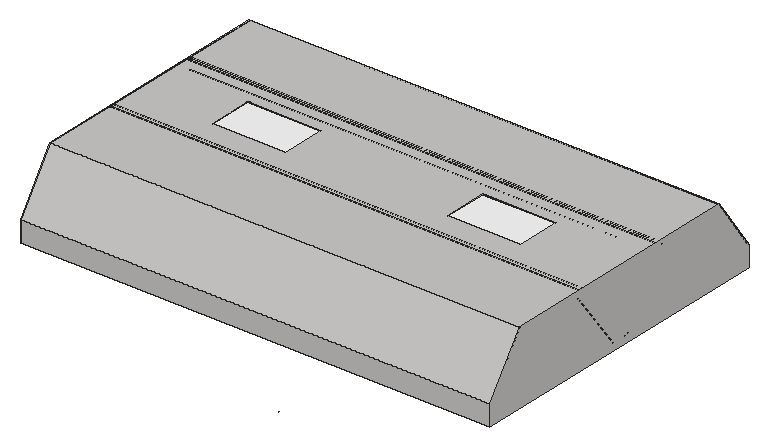
Revit family "QF_ELECTROLUXPROFESSIONAL_642372_BC2232DT", category Attrezzature speciali, Revit 2021
Family settings
  Quota connettore circolare = Usa diametro
  Tipo di parte = Normale
  Basato su piano di lavoro = No
  Sempre verticale = Sì
  Taglio con vuoti quando caricato = No
  Condiviso = No
  Punto di calcolo locali = No
Parameters (values of type "Standard")
  Weight = 102.00 kg
  Watts = 0 W
  Volts = 0 V
  URL Manufacturer = "https://www.electroluxprofessional.com/"
  URL = "https://www.electroluxprofessional.com/"
  Steam Supply Size = 0 mm
  Steam Supply Minimum Pressure = 0.0 Pa
  Steam Supply Maximum Pressure = 0.0 Pa
  Steam Consumption per Hour = 0
  Refrigeration Suction Line Size = 0 mm
  Refrigeration Liquid Line Size = 0 mm
  Refrigerant Compressor Remote = yes
  Prospetto di default = 0 mm
  Produttore = "Electrolux Professional"
  Phase = 0
  Modello = "BC2232DT"
  Length Actual = 3200 mm  # constant formula
  Item Number = "642372"
  Hot Water Size = 0 mm
  Height Actual = 500 mm  # constant formula
  HP = "0 HP"
  Gas Size = 0 mm
  Gas KW = 0
  Gas Input Pressure = 0 W
  Direct Waste Size = 0 mm
  Descrizione = "304 S/S ISLAND HOOD+FILTERS 3200X2200MM"
  Depth Actual = 2200 mm  # constant formula
  Cycle = 0 Hz
  Condensate Return Size = 0 mm
  Compressed Air Volume = 0.0 L/s
  Compressed Air Size = 0 mm
  Compressed Air Pressure = 0.0 Pa
  Cold Water Size = 0 mm
  Accessory = yes
Reference planes
  plane 1: z = 0
  plane 2 "Center (Left/Right)": x = 150
  plane 3 "LEFT": x = -1450
  plane 4 "RIGHT": x = 1750
  plane 5 "BACK": y = 550
  plane 6 "TOP": z = 2500
  plane 7 "Base": z = 2000
  plane 8: z = 1946
  plane 9: x = -1447
  plane 10 "DrainX": x = 1599
  plane 11 "AOLeft2": x = -400
  plane 12 "AORight1": x = 700
  plane 13: x = 1747
  plane 14: x = -1250
  plane 15: x = 1550
  plane 16: x = 50
  plane 17: x = 250
  plane 18 "AOLeft1": x = -900
  plane 19 "AORight2": x = 1200
  plane 20: y = -400
  plane 21: y = -700
  plane 22 "Center (Front/Back)": y = -550
  plane 23: y = -1650
  plane 24: through (0, -601.379, 2046.209) normal (0, 0.8019, 0.5974)
  plane 25: through (0, -498.621, 2046.209) normal (0, 0.8019, -0.5974)
  plane 26: z = 2140
Forms (mm)
  Extrusion 1, solid, material "QF_Finishes_Stainless Steel"
    sketch origin (-1450, 0, 360) x (0, 1, 0) y (0, 0, 1)
      loop
        line (550, 1640) -> (550, 1780) -> (299.446, 2140) -> (-1399.446, 2140) -> (-1650, 1780) -> (-1650, 1640) -> (550, 1640)
    from 0 to 3
  Extrusion 2, solid, material "QF_Finishes_Stainless Steel"
    sketch origin (1750, 0, 360) x (0, 1, 0) y (0, 0, 1)
      loop
        line (550, 1640) -> (550, 1780) -> (299.446, 2140) -> (-1399.446, 2140) -> (-1650, 1780) -> (-1650, 1640) -> (550, 1640)
    from 0 to -3
  Extrusion 3, solid, material "QF_Finishes_Stainless Steel"
    sketch origin (150, 0, 360) x (0, 1, 0) y (0, 0, 1)
      loop
        line (-1399.446, 2140) -> (-1650, 1780) -> (-1650, 1640) -> (-1640, 1640) -> (-1640, 1640.8) -> (-1649.2, 1640.8) -> (-1649.2, 1779.739) -> (-1399.025, 2139.19) -> (299.025, 2139.19) -> (549.2, 1779.739) -> (549.2, 1640.8) -> (540, 1640.8) -> (540, 1640) -> (550, 1640) -> (550, 1780) -> (299.446, 2140) -> (-1399.446, 2140)
    from -1600 to 1600
  Extrusion 4, void
    sketch origin (0, 0, 2500) x (0, 1, 0) y (-1, 0, 0)
      loop
        line (-400, 400) -> (-400, 900) -> (-700, 900) -> (-700, 400) -> (-400, 400)
    from 0 to -10
  Extrusion 5, solid, material "QF_Finishes_Stainless Steel"
    sketch origin (0, 0, 0) x (1, 0, 0) y (0, 1, 0)
      loop
        line (-1450, 550) -> (-1450, 549) -> (-1449, 549) -> (-1449, 550) -> (-1450, 550)
    from 0 to 1
  Extrusion 6, solid, material "QF_Finishes_Stainless Steel"
    sketch origin (150, -400, 360) x (0, 1, 0) y (0, 0, 1)
      loop
        line (-498.883, 2085.553) -> (-201.379, 1686.209) -> (-185.34, 1698.157) -> (-482.844, 2097.501) -> (-498.883, 2085.553)
      loop
        line (198.883, 2085.553) -> (182.844, 2097.501) -> (-114.66, 1698.157) -> (-98.621, 1686.209) -> (198.883, 2085.553)
    from -1400 to -1597
  Extrusion 7, solid, material "QF_Finishes_Stainless Steel"
    sketch origin (150, -400, 360) x (0, 1, 0) y (0, 0, 1)
      loop
        arc (-83.944, 1704.554) -> (-84.545, 1704.706) -> (-85.077, 1704.389) r 0.81
        line (-85.077, 1704.389) -> (-99.535, 1684.991) -> (-116.611, 1687.002) -> (-113.609, 1712.615) -> (-114.407, 1712.708) -> (-117.406, 1687.095)
        arc (-117.406, 1687.095) -> (-117.237, 1686.499) -> (-116.695, 1686.197) r 0.81
        line (-116.695, 1686.197) -> (-99.628, 1684.196)
        arc (-99.628, 1684.196) -> (-99.213, 1684.257) -> (-98.884, 1684.517) r 0.81
        line (-98.884, 1684.517) -> (-84.436, 1703.911) -> (-73.692, 1695.919) -> (-99.855, 1660.79) -> (-200.145, 1660.79) -> (-226.308, 1695.919) -> (-215.564, 1703.911) -> (-201.116, 1684.517)
        arc (-201.116, 1684.517) -> (-200.787, 1684.257) -> (-200.372, 1684.196) r 0.81
        line (-200.372, 1684.196) -> (-183.305, 1686.197)
        arc (-183.305, 1686.197) -> (-182.763, 1686.499) -> (-182.594, 1687.095) r 0.81
        line (-182.594, 1687.095) -> (-185.593, 1712.708) -> (-186.391, 1712.615) -> (-183.389, 1687.002) -> (-200.465, 1684.991) -> (-214.923, 1704.389)
        arc (-214.923, 1704.389) -> (-215.455, 1704.706) -> (-216.056, 1704.554) r 0.81
        line (-216.056, 1704.554) -> (-226.786, 1696.561)
        arc (-226.786, 1696.561) -> (-227.103, 1696.028) -> (-226.951, 1695.427) r 0.81
        line (-226.951, 1695.427) -> (-200.843, 1660.381)
        arc (-200.843, 1660.381) -> (-200.5, 1660.093) -> (-200.063, 1659.99) r 0.972
        line (-200.063, 1659.99) -> (-99.951, 1659.99)
        arc (-99.951, 1659.99) -> (-99.502, 1660.096) -> (-99.149, 1660.393) r 1
        line (-99.149, 1660.393) -> (-73.049, 1695.427)
        arc (-73.049, 1695.427) -> (-72.897, 1696.028) -> (-73.214, 1696.561) r 0.81
        line (-73.214, 1696.561) -> (-83.944, 1704.554)
      loop
        line (-492.735, 2139.19) -> (-492.735, 2129.205) -> (-517.587, 2110.686)
        arc (-517.587, 2110.686) -> (-517.904, 2110.153) -> (-517.752, 2109.552) r 0.81
        line (-517.752, 2109.552) -> (-484.894, 2065.446) -> (-495.625, 2057.438) -> (-495.147, 2056.796) -> (-484.418, 2064.79)
        arc (-484.418, 2064.79) -> (-484.1, 2065.322) -> (-484.252, 2065.923) r 0.81
        line (-484.252, 2065.923) -> (-517.117, 2110.038) -> (-491.935, 2128.798) -> (-491.935, 2138.4) -> (-462.776, 2138.4) -> (-462.776, 2070.563) -> (-461.976, 2069.49) -> (-461.976, 2139.19) -> (-492.735, 2139.19)
      loop
        line (192.735, 2139.19) -> (161.976, 2139.19) -> (161.976, 2069.49) -> (162.776, 2070.563) -> (162.776, 2138.4) -> (191.935, 2138.4) -> (191.935, 2128.798) -> (217.117, 2110.038) -> (184.252, 2065.923)
        arc (184.252, 2065.923) -> (184.1, 2065.322) -> (184.418, 2064.79) r 0.81
        line (184.418, 2064.79) -> (195.147, 2056.796) -> (195.625, 2057.438) -> (184.894, 2065.446) -> (217.752, 2109.552)
        arc (217.752, 2109.552) -> (217.904, 2110.153) -> (217.587, 2110.686) r 0.81
        line (217.587, 2110.686) -> (192.735, 2129.205) -> (192.735, 2139.19)
    from -1597 to 1597
  Extrusion 8, solid, material "QF_Finishes_Stainless Steel"
    sketch origin (150, -400, 360) x (0, 1, 0) y (0, 0, 1)
      loop
        line (-498.883, 2085.553) -> (-201.379, 1686.209) -> (-185.34, 1698.157) -> (-482.844, 2097.501) -> (-498.883, 2085.553)
      loop
        line (198.883, 2085.553) -> (182.844, 2097.501) -> (-114.66, 1698.157) -> (-98.621, 1686.209) -> (198.883, 2085.553)
    from 1597 to 1400
  Extrusion 9, solid, material "QF_Finishes_Stainless Steel"
    sketch origin (150, -400, 360) x (0, 1, 0) y (0, 0, 1)
      loop
        line (-498.883, 2085.553) -> (-201.379, 1686.209) -> (-185.34, 1698.157) -> (-482.844, 2097.501) -> (-498.883, 2085.553)
      loop
        line (198.883, 2085.553) -> (182.844, 2097.501) -> (-114.66, 1698.157) -> (-98.621, 1686.209) -> (198.883, 2085.553)
    from -100 to 100
  Extrusion 10, solid, material "QF_Finished_Chrome"
    sketch origin (150, -400, 360) x (0, 1, 0) y (0, 0, 1)
      loop
        line (-498.883, 2085.553) -> (-201.379, 1686.209) -> (-185.34, 1698.157) -> (-482.844, 2097.501) -> (-498.883, 2085.553)
      loop
        line (198.883, 2085.553) -> (182.844, 2097.501) -> (-114.66, 1698.157) -> (-98.621, 1686.209) -> (198.883, 2085.553)
    from -1400 to -100
  Extrusion 11, solid, material "QF_Finished_Chrome"
    sketch origin (150, -400, 360) x (0, 1, 0) y (0, 0, 1)
      loop
        line (-498.883, 2085.553) -> (-201.379, 1686.209) -> (-185.34, 1698.157) -> (-482.844, 2097.501) -> (-498.883, 2085.553)
      loop
        line (198.883, 2085.553) -> (182.844, 2097.501) -> (-114.66, 1698.157) -> (-98.621, 1686.209) -> (198.883, 2085.553)
    from 100 to 1400
  Sweep 12, solid, material "QF_Finishes_Stainless Steel"
    path origin (0, 0, 0) x (1, 0, 0) y (0, 1, 0)
      loop
        line (1750, 550) -> (-1450, 550) -> (-1450, -1650) -> (1750, -1650) -> (1750, 550)
    profile origin (1750, -550, 0) x (1, 0, 0) y (0, 0, 1)
      loop
        line (-3, 2000) -> (-3, 2000.8) -> (-19, 2000.8) -> (-19, 2010) -> (-20, 2010) -> (-20, 2000) -> (-3, 2000)
  Extrusion 13, void
    sketch origin (0, 0, 2500) x (0, 1, 0) y (-1, 0, 0)
      loop
        line (-400, -1200) -> (-400, -700) -> (-700, -700) -> (-700, -1200) -> (-400, -1200)
    from 0 to -10
  Extrusion 14, solid, material "QF_Finishes_Stainless Steel"
    sketch origin (1599, 0, 0) x (0, 1, 0) y (0, 0, 1)
      loop
        arc (-518.5, 1946) -> (-511.429, 1948.929) -> (-508.5, 1956) r 10
        line (-508.5, 1956) -> (-508.5, 2000.8) -> (-591.5, 2000.8) -> (-591.5, 1956)
        arc (-591.5, 1956) -> (-588.571, 1948.929) -> (-581.5, 1946) r 10
        line (-581.5, 1946) -> (-518.5, 1946)
    from -90 to 90
  Extrusion 15, solid, material "QF_Finishes_Stainless Steel"
    sketch origin (0, -1100, 2000) x (0, 1, 0) y (-1, 0, 0)
      loop
        circle (550, -1599) r 6.35
    from -3.799 to 0
Cuts and joins
  Extrusion 4, Extrusion 13 cuts Extrusion 3
  joined: Extrusion 2, Extrusion 3, Sweep 12
Lines and regions (mm)
  symbolic lines, style "SpecialityEquipment", detail levels coarse
    curve 1: line (1750, 550, 2500) -> (-1450, 550, 2500)
    curve 2: line (-1450, 550, 2500) -> (-1450, -1650, 2500)
    curve 3: line (1750, -1650, 2500) -> (1750, 550, 2500)
    curve 4: line (-1450, 299.446, 0) -> (1750, -1399.446, 0)
    curve 5: line (1750, 299.446, 0) -> (-1450.605, -1399.446, 0)
  symbolic lines, detail levels coarse
    curve 6: line (-900, -700, 0) -> (-400, -700, 0)
    curve 7: line (-900, -400, 0) -> (-900, -700, 0)
    curve 8: line (-400, -400, 0) -> (-900, -400, 0)
    curve 9: line (-400, -700, 0) -> (-400, -400, 0)
    curve 10: line (700, -400, 0) -> (700, -700, 0)
    curve 11: line (1200, -400, 0) -> (700, -400, 0)
    curve 12: line (1200, -700, 0) -> (1200, -400, 0)
    curve 13: line (700, -700, 0) -> (1200, -700, 0)
    curve 14: line (-1450.605, -1399.446, 0) -> (1750, -1399.446, 0)
    curve 15: line (1750, 299.446, 0) -> (-1450, 299.446, 0)
    curve 16: line (-1450, -1650, 0) -> (1750, -1650, 0)
Dimensions and locks
  plane 3 "LEFT" to plane 4 "RIGHT" = 3200 mm
  equal spacing: plane 3 "LEFT", plane 2 "Center (Left/Right)", plane 4 "RIGHT"
  plane 3 "LEFT" to plane 9 = 3 mm
  plane 10 "DrainX" to plane 4 "RIGHT" = 151 mm
  plane 13 to plane 4 "RIGHT" = 3 mm
  plane 3 "LEFT" to plane 14 = 200 mm
  plane 15 to plane 4 "RIGHT" = 200 mm
  locked: plane 11 "AOLeft2" to plane 12 "AORight1" at 1100
  equal spacing: plane 11 "AOLeft2", plane 2 "Center (Left/Right)", plane 12 "AORight1"
  locked: plane 7 "Base" to level at 2000
  locked: plane 16 to plane 17 at 200
  equal spacing: plane 16, plane 2 "Center (Left/Right)", plane 17
  plane 18 "AOLeft1" to plane 11 "AOLeft2" = 500 mm
  plane 12 "AORight1" to plane 19 "AORight2" = 500 mm
  plane 7 "Base" to plane 8 = 54 mm
  locked: plane 6 "TOP" to plane 7 "Base" at 500
  plane 5 "BACK" to plane 23 = 2200 mm  (x2)
  equal spacing: plane 5 "BACK", plane 22 "Center (Front/Back)", plane 23
  plane 21 to plane 20 = 300 mm
  equal spacing: plane 21, plane 22 "Center (Front/Back)", plane 20
  plane 26 to plane 7 "Base" = 140 mm
  aligned and locked: level to plane 1
  aligned and locked: plane 4 "RIGHT" to Extrusion 3
  aligned and locked: Extrusion 3 to plane 3 "LEFT"
  aligned and locked: Extrusion 6 to plane 9
  aligned and locked: plane 14 to Extrusion 6
  aligned and locked: Extrusion 2 to plane 13
  aligned and locked: plane 13 to Extrusion 8
  aligned and locked: Extrusion 8 to plane 15
  aligned and locked: plane 17 to Extrusion 9
  aligned and locked: Extrusion 9 to plane 16
  aligned and locked: plane 16 to Extrusion 10
  aligned and locked: Extrusion 10 to plane 14
  aligned and locked: Extrusion 11 to plane 17
  aligned and locked: Extrusion 11 to plane 15
  aligned and locked: Extrusion 7 to plane 9
  aligned and locked: plane 13 to Extrusion 7
  aligned and locked: Extrusion 4 to plane 18 "AOLeft1"
  aligned and locked: Extrusion 4 to plane 11 "AOLeft2"
  aligned and locked: plane 12 "AORight1" to Extrusion 13
  aligned and locked: plane 19 "AORight2" to Extrusion 13
  aligned and locked: plane 21 to Extrusion 13
  aligned and locked: plane 21 to Extrusion 4
  aligned and locked: plane 20 to Extrusion 13
  aligned and locked: plane 20 to Extrusion 4
  aligned and locked: curve 6 to Extrusion 4
  aligned and locked: curve 7 to Extrusion 4
  aligned and locked: curve 8 to Extrusion 4
  aligned and locked: curve 9 to Extrusion 4
  aligned and locked: curve 10 to Extrusion 13
  aligned and locked: curve 11 to Extrusion 13
  aligned and locked: curve 12 to Extrusion 13
  aligned and locked: curve 13 to Extrusion 13
Automatic sketch dimensions
  Extrusion 4 sketch curve to plane 11 "AOLeft2" = 0 mm
  Extrusion 4 sketch curve to plane 18 "AOLeft1" = 0 mm
  Extrusion 5 sketch curve to plane 3 "LEFT" = 0 mm
  Extrusion 5 sketch curve to plane 5 "BACK" = 0 mm
  plane 3 "LEFT" to Extrusion 5 sketch curve = 1 mm
  Extrusion 5 sketch curve to Extrusion 5 sketch curve = 1 mm
  Sweep 12 sketch curve to plane 3 "LEFT" = 0 mm
  Sweep 12 sketch curve to plane 4 "RIGHT" = 0 mm
  Sweep 12 sketch curve to plane 5 "BACK" = 0 mm
  profile plane to Sweep 12 sketch curve = 20 mm
  Sweep 12 sketch curve to Sweep 12 sketch curve = 1 mm
  profile plane to Sweep 12 sketch curve = 3 mm
  level to Sweep 12 sketch curve = 2000 mm
  Sweep 12 sketch curve to Sweep 12 sketch curve = 0.8 mm
  Sweep 12 sketch curve to Sweep 12 sketch curve = 9.2 mm
  Extrusion 13 sketch curve to plane 11 "AOLeft2" = 1600 mm
  plane 18 "AOLeft1" to Extrusion 13 sketch curve = 1600 mm
  Extrusion 13 sketch curve to Extrusion 13 sketch curve = 300 mm
  Extrusion 13 sketch curve to plane 20 = 0 mm
  plane 21 to Extrusion 2 sketch curve = 699.446 mm
  plane 21 to Sweep 12 sketch curve = 950 mm
  plane 21 to Extrusion 4 sketch curve = 0 mm
  Extrusion 4 sketch curve to plane 20 = 0 mm
  Extrusion 15 sketch curve to plane 10 "DrainX" = 0 mm
  Extrusion 15 sketch curve to plane 22 "Center (Front/Back)" = 0 mm
  Extrusion 14 sketch curve to plane 8 = 0 mm
  plane 8 to Extrusion 14 sketch curve = 10 mm
  Extrusion 14 sketch curve to plane 22 "Center (Front/Back)" = 41.5 mm
  plane 22 "Center (Front/Back)" to Extrusion 14 sketch curve = 31.5 mm
  plane 7 "Base" to Extrusion 14 sketch curve = 0.8 mm
  plane 22 "Center (Front/Back)" to Extrusion 14 sketch curve = 41.5 mm
  plane 21 to Extrusion 6 sketch curve = 198.883 mm
  Extrusion 6 sketch curve to plane 6 "TOP" = 42.499 mm  (x2)
  Extrusion 6 sketch curve to Extrusion 6 sketch curve = 16.039 mm  (x2)
  Extrusion 6 sketch curve to plane 22 "Center (Front/Back)" = 51.379 mm
  plane 22 "Center (Front/Back)" to Extrusion 6 sketch curve = 35.34 mm
  plane 20 to Extrusion 6 sketch curve = 182.844 mm
  Extrusion 6 sketch curve to Extrusion 6 sketch curve = 11.948 mm  (x2)
  Extrusion 7 sketch curve to plane 6 "TOP" = 30.448 mm  (x2)
  plane 21 to Extrusion 7 sketch curve = 217.752 mm
  Extrusion 7 sketch curve to plane 6 "TOP" = 29.314 mm  (x2)
  Extrusion 7 sketch curve to Extrusion 7 sketch curve = 0.166 mm  (x3)
  Extrusion 7 sketch curve to plane 6 "TOP" = 29.962 mm  (x2)
  Extrusion 7 sketch curve to Extrusion 7 sketch curve = 0.47 mm  (x2)
  Extrusion 7 sketch curve to Extrusion 7 sketch curve = 0.014 mm  (x2)
  Extrusion 7 sketch curve to plane 6 "TOP" = 82.562 mm  (x2)
  Extrusion 7 sketch curve to Extrusion 7 sketch curve = 22.127 mm
  Extrusion 7 sketch curve to plane 6 "TOP" = 83.204 mm  (x2)
  Extrusion 7 sketch curve to Extrusion 7 sketch curve = 0.478 mm  (x5)
  Extrusion 7 sketch curve to plane 6 "TOP" = 0.81 mm  (x2)
  Extrusion 7 sketch curve to Extrusion 7 sketch curve = 24.852 mm
  Extrusion 7 sketch curve to Extrusion 7 sketch curve = 0.8 mm  (x5)
  Extrusion 7 sketch curve to Extrusion 7 sketch curve = 10.724 mm
  Extrusion 7 sketch curve to plane 6 "TOP" = 74.554 mm  (x2)
  Extrusion 7 sketch curve to Extrusion 7 sketch curve = 0.008 mm  (x6)
  Extrusion 7 sketch curve to plane 6 "TOP" = 75.21 mm  (x2)
  Extrusion 7 sketch curve to plane 6 "TOP" = 74.077 mm  (x2)
  Extrusion 7 sketch curve to Extrusion 7 sketch curve = 0.642 mm  (x2)
  Extrusion 7 sketch curve to plane 6 "TOP" = 69.437 mm  (x2)
  Extrusion 7 sketch curve to Extrusion 7 sketch curve = 21.476 mm  (x2)
  Extrusion 7 sketch curve to plane 21 = 73.049 mm
  Extrusion 7 sketch curve to Extrusion 7 sketch curve = 0.006 mm  (x4)
  Extrusion 7 sketch curve to Extrusion 7 sketch curve = 10.73 mm  (x3)
  Extrusion 7 sketch curve to Extrusion 7 sketch curve = 0.484 mm  (x4)
  Extrusion 7 sketch curve to Extrusion 7 sketch curve = 0.641 mm  (x2)
  Extrusion 7 sketch curve to Extrusion 7 sketch curve = 14.448 mm
  plane 7 "Base" to Extrusion 7 sketch curve = 20.381 mm
  Extrusion 7 sketch curve to Extrusion 7 sketch curve = 0.273 mm
  Extrusion 7 sketch curve to Extrusion 7 sketch curve = 0.65 mm  (x2)
  Extrusion 7 sketch curve to Extrusion 7 sketch curve = 0.001 mm  (x4)
  Extrusion 7 sketch curve to Extrusion 7 sketch curve = 0.093 mm  (x2)
  plane 7 "Base" to Extrusion 7 sketch curve = 20.79 mm
  Extrusion 7 sketch curve to Extrusion 7 sketch curve = 0.698 mm
  Extrusion 7 sketch curve to Extrusion 7 sketch curve = 0.081 mm
  Extrusion 7 sketch curve to Extrusion 7 sketch curve = 28.531 mm
  Extrusion 7 sketch curve to Extrusion 7 sketch curve = 0.799 mm  (x2)
  Extrusion 7 sketch curve to Extrusion 7 sketch curve = 17.067 mm  (x2)
  Extrusion 7 sketch curve to Extrusion 7 sketch curve = 0.01 mm  (x4)
  Extrusion 7 sketch curve to Extrusion 7 sketch curve = 0.094 mm
  Extrusion 7 sketch curve to Extrusion 7 sketch curve = 0.795 mm  (x2)
  plane 22 "Center (Front/Back)" to Extrusion 7 sketch curve = 32.594 mm
  Extrusion 7 sketch curve to Extrusion 7 sketch curve = 0.71 mm
  Extrusion 7 sketch curve to Extrusion 7 sketch curve = 2.998 mm
  Extrusion 7 sketch curve to Extrusion 7 sketch curve = 16.745 mm
  Extrusion 7 sketch curve to Extrusion 7 sketch curve = 0.095 mm
  plane 7 "Base" to Extrusion 7 sketch curve = 20.393 mm
  Extrusion 7 sketch curve to Extrusion 7 sketch curve = 0.707 mm
  Extrusion 7 sketch curve to Extrusion 7 sketch curve = 0.651 mm
  Extrusion 7 sketch curve to Extrusion 7 sketch curve = 14.456 mm
  Extrusion 7 sketch curve to plane 6 "TOP" = 70.51 mm  (x2)
  plane 20 to Extrusion 7 sketch curve = 161.976 mm
  Extrusion 7 sketch curve to plane 6 "TOP" = 1.6 mm
  Extrusion 7 sketch curve to Extrusion 7 sketch curve = 29.159 mm
  Extrusion 7 sketch curve to Extrusion 7 sketch curve = 24.368 mm
  Extrusion 7 sketch curve to Extrusion 7 sketch curve = 0.636 mm
  Extrusion 7 sketch curve to Extrusion 7 sketch curve = 23.206 mm
  Extrusion 7 sketch curve to Extrusion 7 sketch curve = 23.234 mm
  Extrusion 7 sketch curve to Extrusion 7 sketch curve = 0.321 mm  (x2)
  Extrusion 7 sketch curve to Extrusion 7 sketch curve = 2.001 mm  (x2)
  Extrusion 7 sketch curve to Extrusion 7 sketch curve = 0.804 mm  (x2)
  Extrusion 7 sketch curve to Extrusion 7 sketch curve = 10.911 mm  (x2)
  Extrusion 7 sketch curve to Extrusion 7 sketch curve = 7.993 mm  (x2)
  Extrusion 7 sketch curve to Extrusion 7 sketch curve = 25.613 mm  (x2)
  Extrusion 7 sketch curve to Extrusion 7 sketch curve = 0.407 mm  (x2)
  Extrusion 7 sketch curve to Extrusion 7 sketch curve = 0.79 mm
  Extrusion 3 sketch curve to plane 7 "Base" = 0 mm  (x2)
  Extrusion 3 sketch curve to plane 23 = 0 mm
  Extrusion 3 sketch curve to plane 5 "BACK" = 0 mm
  plane 23 to Extrusion 3 sketch curve = 0.8 mm
  plane 7 "Base" to Extrusion 3 sketch curve = 0.8 mm  (x2)
  Extrusion 3 sketch curve to Extrusion 3 sketch curve = 9.2 mm
  plane 23 to Extrusion 3 sketch curve = 250.554 mm
  Extrusion 3 sketch curve to Extrusion 3 sketch curve = 0.421 mm  (x2)
  Extrusion 3 sketch curve to plane 6 "TOP" = 0.81 mm
  Extrusion 3 sketch curve to plane 5 "BACK" = 250.975 mm
  Extrusion 3 sketch curve to plane 5 "BACK" = 10 mm
  Extrusion 3 sketch curve to plane 5 "BACK" = 0.8 mm
  Extrusion 3 sketch curve to Extrusion 3 sketch curve = 138.939 mm  (x2)
  Extrusion 3 sketch curve to Extrusion 3 sketch curve = 0.261 mm  (x2)
  Extrusion 3 sketch curve to plane 6 "TOP" = 0 mm
  Extrusion 1 sketch curve to plane 7 "Base" = 0 mm
  Extrusion 1 sketch curve to plane 23 = 0 mm
  Extrusion 1 sketch curve to plane 6 "TOP" = 0 mm
  Extrusion 1 sketch curve to plane 5 "BACK" = 0 mm
  Extrusion 1 sketch curve to plane 5 "BACK" = 250.554 mm
  plane 7 "Base" to Extrusion 1 sketch curve = 140 mm
  Extrusion 1 sketch curve to Extrusion 1 sketch curve = 140 mm
  plane 23 to Extrusion 1 sketch curve = 250.554 mm
  Extrusion 2 sketch curve to plane 5 "BACK" = 250.554 mm
  plane 7 "Base" to Extrusion 2 sketch curve = 140 mm  (x2)
  Extrusion 2 sketch curve to plane 7 "Base" = 0 mm
  plane 23 to Extrusion 2 sketch curve = 0 mm
  Extrusion 2 sketch curve to plane 6 "TOP" = 0 mm
  Extrusion 2 sketch curve to plane 5 "BACK" = 0 mm
  plane 21 to Extrusion 10 sketch curve = 198.883 mm
  Extrusion 10 sketch curve to plane 6 "TOP" = 42.499 mm  (x2)
  Extrusion 10 sketch curve to Extrusion 10 sketch curve = 16.039 mm  (x2)
  Extrusion 10 sketch curve to plane 22 "Center (Front/Back)" = 51.379 mm
  plane 22 "Center (Front/Back)" to Extrusion 10 sketch curve = 35.34 mm
  plane 20 to Extrusion 10 sketch curve = 182.844 mm
  Extrusion 10 sketch curve to Extrusion 10 sketch curve = 11.948 mm  (x2)
  plane 21 to Extrusion 9 sketch curve = 198.883 mm
  Extrusion 9 sketch curve to plane 6 "TOP" = 42.499 mm  (x2)
  Extrusion 9 sketch curve to Extrusion 9 sketch curve = 16.039 mm  (x2)
  Extrusion 9 sketch curve to plane 22 "Center (Front/Back)" = 51.379 mm
  plane 22 "Center (Front/Back)" to Extrusion 9 sketch curve = 35.34 mm
  plane 20 to Extrusion 9 sketch curve = 182.844 mm
  Extrusion 9 sketch curve to Extrusion 9 sketch curve = 11.948 mm  (x2)
  plane 21 to Extrusion 11 sketch curve = 198.883 mm
  Extrusion 11 sketch curve to plane 6 "TOP" = 42.499 mm  (x2)
  Extrusion 11 sketch curve to Extrusion 11 sketch curve = 16.039 mm  (x2)
  Extrusion 11 sketch curve to plane 22 "Center (Front/Back)" = 51.379 mm
  plane 22 "Center (Front/Back)" to Extrusion 11 sketch curve = 35.34 mm
  plane 20 to Extrusion 11 sketch curve = 182.844 mm
  Extrusion 11 sketch curve to Extrusion 11 sketch curve = 11.948 mm  (x2)
  plane 21 to Extrusion 8 sketch curve = 198.883 mm
  Extrusion 8 sketch curve to plane 6 "TOP" = 42.499 mm  (x2)
  Extrusion 8 sketch curve to Extrusion 8 sketch curve = 16.039 mm  (x2)
  Extrusion 8 sketch curve to plane 22 "Center (Front/Back)" = 51.379 mm
  plane 22 "Center (Front/Back)" to Extrusion 8 sketch curve = 35.34 mm
  plane 20 to Extrusion 8 sketch curve = 182.844 mm
  Extrusion 8 sketch curve to Extrusion 8 sketch curve = 11.948 mm  (x2)
  curve 2 to plane 3 "LEFT" = 0 mm
  curve 2 to plane 23 = 0 mm
  curve 3 to plane 4 "RIGHT" = 0 mm
  curve 3 to plane 23 = 0 mm
  curve 2 to plane 5 "BACK" = 0 mm
  curve 15 to plane 3 "LEFT" = 0 mm
  curve 16 to plane 3 "LEFT" = 0 mm
  curve 14 to plane 4 "RIGHT" = 0 mm
  curve 15 to plane 4 "RIGHT" = 0 mm
  curve 16 to plane 4 "RIGHT" = 0 mm
  curve 16 to plane 23 = 0 mm
  curve 14 to plane 3 "LEFT" = 0.605 mm
  plane 23 to curve 4 = 250.554 mm
  curve 15 to plane 5 "BACK" = 250.554 mm
  radius of Extrusion 15 sketch curve = 6.35 mm
Connectors
  hvac at (-650, -550, 2500)
    settings: on Extrusion 4, index 2, duct flow 0.0 L/s, flow factor 0, pres drop 0.0 Pa, loss coef 0, conn angle 0.00°, conn width 300 mm, conn height 500 mm, conn diameter 609.6 mm, duct sys type 3, conn prof type 1, flow config 1, flow direction 2, loss method 0, conn ref index -1, conn util no, is conn primary yes, conn desc "EXHAUST OUTLET"
  hvac at (950, -550, 2500)
    settings: on Extrusion 13, index 3, duct flow 0.0 L/s, flow factor 0, pres drop 0.0 Pa, loss coef 0, conn angle 0.00°, conn width 300 mm, conn height 500 mm, conn diameter 609.6 mm, duct sys type 3, conn prof type 1, flow config 1, flow direction 2, loss method 0, conn ref index -1, conn util no, is conn primary no, conn desc "EXHAUST OUTLET"
  piping at (1599, -550, 1996.201), diameter 12.7
    settings: on Extrusion 15, index 4, connector inside diameter 609.6 mm, connector length 0 mm, flow factor 0, pipe flow 0.0 L/s, pressure drop 0.0 Pa, fitting loss kfactor 0, connector angle 0.00°, fixture units 0, engagement length 0 mm, angle of deflection 0.00°, flow configuration 1, flow direction 2, fitting loss method 0, system type 16, joint type 0, gender type 0, connector reference index -1, connector utility 0, adjustable connector no, is connector primary yes, connector description "Drain"
